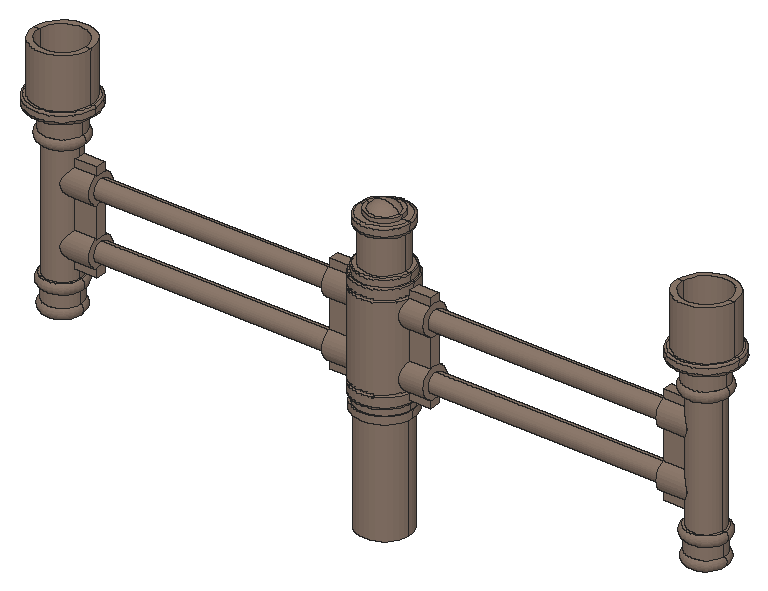
Revit family "PA215", category Generic Models, Revit 2014
Parameters
  TOP CAP = Bronze, Architectural
  TENON = Bronze, Architectural
  BODY2 = Bronze, Architectural
  BODY = Bronze, Architectural
  ARMS = Bronze, Architectural
Reference planes (in)
  plane 1 "Center (Front/Back)": y = 0
  plane 2: z = 0
  plane 3 "Center (Left/Right)": x = 0
  plane 4: x = -2
Forms (in)
  Revolve 1, solid, material "Bronze, Architectural" <- "TENON"
    sketch origin (0, 0, 0) x (1, 0, 0) y (0, 0, 1)
      loop
        line (-2, 8) -> (-2, 7.5) -> (-1.75, 7.5) -> (-1.75, 0) -> (0, 0) -> (0, 8) -> (-2, 8)
      axis (0, 8) -> (0, 0)
    angle from 0 to 360
  Revolve 2, solid, material "Bronze, Architectural" <- "BODY2"
    sketch origin (0.00109, 0, -2.19046) x (1, 0, 0) y (0, 0, 1)
      loop
        line (0, 10.19117) -> (0, 10.69117) -> (-1.87726, 10.69117) -> (-1.87726, 10.19117) -> (0, 10.19117)
      axis (0, 10.69117) -> (0, 10.19117)
    angle from 0 to 360
  Revolve 3, solid, material "Bronze, Architectural" <- "BODY"
    sketch origin (0.00109, 0, -2.74955) x (1, 0, 0) y (0, 0, 1)
      loop
        arc (-2.00226, 18.83644) -> (-2.04645, 18.81813) -> (-2.06476, 18.77394) r 0.0625
        line (-2.06476, 18.77394) -> (-2.06476, 18.12521)
        arc (-2.06476, 18.12521) -> (-1.97076, 18.03121) -> (-2.06476, 17.93721) r 0.094
        line (-2.06476, 17.93721) -> (-2.06476, 12.14997)
        arc (-2.06476, 12.14997) -> (-1.97076, 12.05597) -> (-2.06476, 11.96197) r 0.094
        line (-2.06476, 11.96197) -> (-2.06476, 11.31276)
        arc (-2.06476, 11.31276) -> (-2.04645, 11.26856) -> (-2.00226, 11.25026) r 0.0625
        line (-2.00226, 11.25026) -> (0, 11.25026) -> (0, 18.83644) -> (-2.00226, 18.83644)
      axis (0, 18.83644) -> (0, 11.25026)
    angle from 0 to 360
  Revolve 4, solid, material "Bronze, Architectural" <- "BODY"
    sketch origin (0.00109, 0, -2.74955) x (1, 0, 0) y (0, 0, 1)
      loop
        line (0, 18.83644) -> (0, 22.33644) -> (-1.5, 22.33644) -> (-1.5, 19.33644) -> (-1.81476, 19.33644)
        arc (-1.81476, 19.33644) -> (-1.85895, 19.31813) -> (-1.87726, 19.27394) r 0.0625
        line (-1.87726, 19.27394) -> (-1.87726, 18.83644) -> (0, 18.83644)
      axis (0, 22.33644) -> (0, 18.83644)
    angle from 0 to 360
  Revolve 5, solid, material "Bronze, Architectural" <- "TOP CAP"
    sketch origin (0.00109, 0, -2.74955) x (1, 0, 0) y (0, 0, 1)
      loop
        line (0, 21.83326) -> (0, 23.27444)
        arc (0, 23.27444) -> (-0.55902, 23.14247) -> (-1, 22.77444) r 1.25
        line (-1, 22.77444) -> (-1.25, 22.77444) -> (-1.25, 22.52444) -> (-1.6875, 22.52444)
        arc (-1.6875, 22.52444) -> (-1.77589, 22.48782) -> (-1.8125, 22.39944) r 0.125
        line (-1.8125, 22.39944) -> (-1.8125, 21.95826)
        arc (-1.8125, 21.95826) -> (-1.77589, 21.86987) -> (-1.6875, 21.83326) r 0.125
        line (-1.6875, 21.83326) -> (0, 21.83326)
      axis (0, 23.27444) -> (0, 21.83326)
    angle from 0 to 360
  Revolve 6, solid, material "Bronze, Architectural" <- "ARMS"
    sketch origin (-4.625, 0, -2.74955) x (1, 0, 0) y (0, 0, 1)
      loop
        line (-18, 8.53462) -> (-18, 25.53462) -> (-20, 25.53462) -> (-20, 22.03462) -> (-20.1924, 22.03462)
        arc (-20.1924, 22.03462) -> (-20.28079, 21.99801) -> (-20.3174, 21.90962) r 0.125
        line (-20.3174, 21.90962) -> (-20.3174, 21.50007)
        arc (-20.3174, 21.50007) -> (-20.28079, 21.41168) -> (-20.1924, 21.37507) r 0.125
        line (-20.1924, 21.37507) -> (-19.438, 21.37507) -> (-19.438, 19.94468)
        arc (-19.438, 19.94468) -> (-19.61039, 19.59909) -> (-19.438, 19.25351) r 0.43259
        line (-19.438, 19.25351) -> (-19.188, 19.25351) -> (-19.188, 10.81508) -> (-19.36341, 10.81508)
        arc (-19.36341, 10.81508) -> (-19.5358, 10.46949) -> (-19.36341, 10.1239) r 0.43259
        line (-19.36341, 10.1239) -> (-19.27256, 10.1239) -> (-19.27256, 9.22579)
        arc (-19.27256, 9.22579) -> (-19.44495, 8.88021) -> (-19.27256, 8.53462) r 0.43259
        line (-19.27256, 8.53462) -> (-18, 8.53462)
      axis (-18, 25.53462) -> (-18, 8.53462)
    angle from 0 to 360
  Revolve 7, solid, material "Bronze, Architectural" <- "ARMS"
    sketch origin (40.625, 0, -2.74955) x (1, 0, 0) y (0, 0, 1)
      loop
        line (-18, 8.53462) -> (-18, 25.53462) -> (-20, 25.53462) -> (-20, 22.03462) -> (-20.1924, 22.03462)
        arc (-20.1924, 22.03462) -> (-20.28079, 21.99801) -> (-20.3174, 21.90962) r 0.125
        line (-20.3174, 21.90962) -> (-20.3174, 21.50007)
        arc (-20.3174, 21.50007) -> (-20.28079, 21.41168) -> (-20.1924, 21.37507) r 0.125
        line (-20.1924, 21.37507) -> (-19.438, 21.37507) -> (-19.438, 19.94468)
        arc (-19.438, 19.94468) -> (-19.61039, 19.59909) -> (-19.438, 19.25351) r 0.43259
        line (-19.438, 19.25351) -> (-19.188, 19.25351) -> (-19.188, 10.81508) -> (-19.36341, 10.81508)
        arc (-19.36341, 10.81508) -> (-19.5358, 10.46949) -> (-19.36341, 10.1239) r 0.43259
        line (-19.36341, 10.1239) -> (-19.27256, 10.1239) -> (-19.27256, 9.22579)
        arc (-19.27256, 9.22579) -> (-19.44495, 8.88021) -> (-19.27256, 8.53462) r 0.43259
        line (-19.27256, 8.53462) -> (-18, 8.53462)
      axis (-18, 25.53462) -> (-18, 8.53462)
    angle from 0 to 360
  Revolve 8, solid, material "Bronze, Architectural" <- "ARMS"
    sketch origin (0.00109, 0, -2.74955) x (1, 0, 0) y (0, 0, 1)
      loop
        line (19.93521, 16.35359) -> (19.93521, 17.01109) -> (3.56476, 17.01109) -> (3.56476, 16.35359) -> (19.93521, 16.35359)
      axis (19.93521, 17.01109) -> (3.56476, 17.01109)
    angle from 0 to 360
  Revolve 9, solid, material "Bronze, Architectural" <- "ARMS"
    sketch origin (0.00109, 0, -6.70267) x (1, 0, 0) y (0, 0, 1)
      loop
        line (19.93521, 16.35359) -> (19.93521, 17.01109) -> (3.56476, 17.01109) -> (3.56476, 16.35359) -> (19.93521, 16.35359)
      axis (19.93521, 17.01109) -> (3.56476, 17.01109)
    angle from 0 to 360
  Revolve 10, solid, material "Bronze, Architectural" <- "ARMS"
    sketch origin (-18.87567, 0, -6.70267) x (1, 0, 0) y (0, 0, 1)
      loop
        line (15.312, 16.35359) -> (15.312, 17.01109) -> (-1.06205, 17.01109) -> (-1.06205, 16.35359) -> (15.312, 16.35359)
      axis (15.312, 17.01109) -> (-1.06205, 17.01109)
    angle from 0 to 360
  Extrusion 11, solid, material "Bronze, Architectural" <- "BODY"
    sketch origin (0.00058, 0, -2.74955) x (1, 0, 0) y (0, 0, 1)
      loop
        line (-1.87726, 18.52784) -> (-3.56476, 18.52784) -> (-3.56476, 17.99314) -> (-1.87726, 17.99314) -> (-1.87726, 18.52784)
      loop
        line (-1.87726, 11.55934) -> (-1.87726, 12.09404) -> (-3.56476, 12.09404) -> (-3.56476, 11.55934) -> (-1.87726, 11.55934)
      loop
        line (-1.87726, 14.04299) -> (-1.87726, 16.04419) -> (-3.56476, 16.04419) -> (-3.56476, 14.04299) -> (-1.87726, 14.04299)
    from -0.375 to 0.375
  Extrusion 12, solid, material "Bronze, Architectural" <- "BODY"
    sketch origin (5.44311, 0, -2.74955) x (1, 0, 0) y (0, 0, 1)
      loop
        line (-1.87726, 18.52784) -> (-3.56476, 18.52784) -> (-3.56476, 17.99314) -> (-1.87726, 17.99314) -> (-1.87726, 18.52784)
      loop
        line (-1.87726, 11.55934) -> (-1.87726, 12.09404) -> (-3.56476, 12.09404) -> (-3.56476, 11.55934) -> (-1.87726, 11.55934)
      loop
        line (-1.87726, 14.04299) -> (-1.87726, 16.04419) -> (-3.56476, 16.04419) -> (-3.56476, 14.04299) -> (-1.87726, 14.04299)
    from -0.375 to 0.375
  Extrusion 13, solid, material "Bronze, Architectural" <- "ARMS"
    sketch origin (23.50106, 0, -2.74918) x (1, 0, 0) y (0, 0, 1)
      loop
        line (-1.87726, 18.51854) -> (-3.56476, 18.51854) -> (-3.56476, 17.92791) -> (-1.87726, 17.92791) -> (-1.87726, 18.51854)
      loop
        line (-1.87726, 11.55004) -> (-1.87726, 12.16204) -> (-3.56476, 12.16204) -> (-3.56476, 11.55004) -> (-1.87726, 11.55004)
      loop
        line (-1.87726, 13.95639) -> (-1.87726, 16.1122) -> (-3.56476, 16.1122) -> (-3.56476, 13.95639) -> (-1.87726, 13.95639)
    from -0.375 to 0.375
  Extrusion 14, solid, material "Bronze, Architectural" <- "ARMS"
    sketch origin (35.81435, 0, -56.40969) x (0, 0, 1) y (0, 1, 0)
      loop
        circle (66.71972, 0) r 1.03125
    from 13.69125 to 15.87804
  Extrusion 15, solid, material "Bronze, Architectural" <- "ARMS"
    sketch origin (35.81435, 0, -52.44885) x (0, 0, 1) y (0, 1, 0)
      loop
        circle (66.71972, 0) r 1.03125
    from 13.69125 to 15.87804
  Extrusion 16, solid, material "Bronze, Architectural" <- "ARMS"
    sketch origin (-18.05974, 0, -2.74918) x (1, 0, 0) y (0, 0, 1)
      loop
        line (-1.87726, 18.51854) -> (-3.56476, 18.51854) -> (-3.56476, 17.92791) -> (-1.87726, 17.92791) -> (-1.87726, 18.51854)
      loop
        line (-1.87726, 11.55004) -> (-1.87726, 12.16204) -> (-3.56476, 12.16204) -> (-3.56476, 11.55004) -> (-1.87726, 11.55004)
      loop
        line (-1.87726, 13.95639) -> (-1.87726, 16.1122) -> (-3.56476, 16.1122) -> (-3.56476, 13.95639) -> (-1.87726, 13.95639)
    from -0.375 to 0.375
  Extrusion 17, solid, material "Bronze, Architectural" <- "ARMS"
    sketch origin (-6.24646, 0, -56.40969) x (0, 0, 1) y (0, 1, 0)
      loop
        circle (66.71972, 0) r 1.03125
    from 13.69125 to 15.87804
  Extrusion 18, solid, material "Bronze, Architectural" <- "ARMS"
    sketch origin (-6.24646, 0, -52.44885) x (0, 0, 1) y (0, 1, 0)
      loop
        circle (66.71972, 0) r 1.03125
    from 13.69125 to 15.87804
  Revolve 19, solid, material "Bronze, Architectural" <- "ARMS"
    sketch origin (-18.87638, 0, -2.74955) x (1, 0, 0) y (0, 0, 1)
      loop
        line (15.312, 16.35359) -> (15.312, 17.01109) -> (-1.06133, 17.01109) -> (-1.06133, 16.35359) -> (15.312, 16.35359)
      axis (15.312, 17.01109) -> (-1.06133, 17.01109)
    angle from 0 to 360
  Extrusion 20, solid, material "Bronze, Architectural" <- "BODY"
    sketch origin (8.83001, 0, -54.41036) x (0, 0, 1) y (0, 1, 0)
      loop
        circle (64.72932, 0) r 1.03125
    from 10.20538 to 12.3942
  Extrusion 21, solid, material "Bronze, Architectural" <- "BODY"
    sketch origin (8.83001, 0, -50.46021) x (0, 0, 1) y (0, 1, 0)
      loop
        circle (64.72932, 0) r 1.03125
    from 10.20538 to 12.3942
  Extrusion 22, solid, material "Bronze, Architectural" <- "BODY"
    sketch origin (13.77123, 0, -50.46021) x (0, 0, 1) y (0, 1, 0)
      loop
        circle (64.72932, 0) r 1.03125
    from 10.20538 to 12.3942
  Extrusion 23, solid, material "Bronze, Architectural" <- "BODY"
    sketch origin (13.77123, 0, -54.41036) x (0, 0, 1) y (0, 1, 0)
      loop
        circle (64.72932, 0) r 1.03125
    from 10.20538 to 12.3942
  Revolve 24, void
    sketch origin (4.62431, 0, -4.24955) x (1, 0, 0) y (0, 0, 1)
      loop
        line (18.00069, 27.03462) -> (16.37569, 27.03462) -> (16.37569, 23.53462) -> (18.00069, 23.53462) -> (18.00069, 27.03462)
      axis (18.00069, 27.03462) -> (18.00069, 23.53462)
    angle from 0 to 360
  Revolve 25, void
    sketch origin (-4.625, 0, -4.24955) x (1, 0, 0) y (0, 0, 1)
      loop
        line (-16.375, 27.03462) -> (-18, 27.03462) -> (-18, 23.53462) -> (-16.375, 23.53462) -> (-16.375, 27.03462)
      axis (-18, 23.53462) -> (-18, 27.03462)
    angle from 0 to 360
  Revolve 26, void
    sketch origin (0, 0, 0) x (1, 0, 0) y (0, 0, 1)
      loop
        line (0, 7.5) -> (-1.3125, 7.5) -> (-1.3125, 0) -> (0, 0) -> (0, 7.5)
      axis (0, 7.5) -> (0, 0)
    angle from 0 to 360
Cuts and joins
  Revolve 24 cuts Revolve 7
  Revolve 25 cuts Revolve 6
  Revolve 26 cuts Revolve 1
Lines and regions (in)
  model lines
    curve 1: line (21.43631, 0, 15.17837) -> (21.43631, 0, 13.37105)
    curve 2: line (3.56585, 0, 14.91904) -> (3.56585, 0, 13.60404)
Dimensions and locks (in)
  aligned and locked: plane 2 to level
